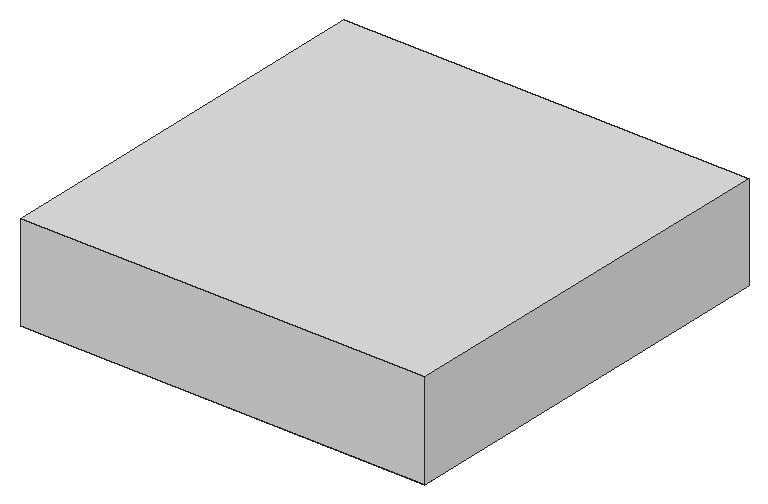
Revit family "290170 OvaLED NM ST LED LP 1t_Tak", category Lighting Fixtures, Revit 2016
Family settings
  Part Type = Normal
  Round Connector Dimension = Use Diameter
  OmniClass Number = 23.80.70.11.21
  OmniClass Title = Emergency Lighting
  Work Plane-Based = No
  Always vertical = Yes
  Cut with Voids When Loaded = No
  Light Source = Yes
  Shared = No
  Room Calculation Point = No
Parameters (values of type "Ledelys")
  Wattage = 9.2903 W
  built-in parameter 1150110 = 1 (stored number, unit not read)
  Type Comments = "-UN"
  built-in parameter 1114217 = 1 (stored number, unit not read)
  Tilt Angle = 90.00°
  built-in parameter 1150109 = 1 (stored number, unit not read)
  built-in parameter 1150134 = 3
  built-in parameter 1150113 = 1 (stored number, unit not read)
  Photometric Web File = "2x4 3Lamp.ies"
  Number of Poles = 1
  Symbol Positive Direction [instance] = yes
  NS8360 = "4432_WT2"
  Manufacturer = "Honeywell"
  built-in parameter 1150105 = 109.82 (stored number, unit not read)
  Lumens = 1380 lm
  built-in parameter 1150115 = 1 (stored number, unit not read)
  built-in parameter 1150137 = (empty or 0)
  built-in parameter 1150139 = (empty or 0)
  built-in parameter 1150112 = 1 (stored number, unit not read)
  built-in parameter 1150114 = 1 (stored number, unit not read)
  Keynote = "WT2"
  built-in parameter 1150132 = (empty or 0)
  built-in parameter 1150102 = (empty or 0)
  built-in parameter 1150107 = 3200 (stored number, unit not read)
  built-in parameter 1150138 = (empty or 0)
  built-in parameter 1150106 = 1.0982 (stored number, unit not read)
  Height 1 = 45 mm
  Height = 55 mm
  Voltage = 230 V
  Symbol Offset Side [instance] = 0 mm
  Symbol Offset Out [instance] = 0 mm
  Material = Plastic - White
  Loads [instance] = 0 VA
  Length B = 160 mm
  Length A = 160 mm
  Glass Material = Plastic - Glass
  Emit from Rectangle Width = Length B  # 160 mm
  Emit from Rectangle Length = Length A  # 160 mm
  Emit Shape Visible in Rendering = no
  built-in parameter 1150104 = 13.8 (stored number, unit not read)
  Dimming Lamp Color Temperature Shift = <None>
  Color Filter = 16777215
  built-in parameter 1114218 = 1 (stored number, unit not read)
  built-in parameter 1150133 = 10 (stored number, unit not read)
  Assembly Code = "4432"
Reference planes
  plane 1 "Light Source Axis (F/B)": y = 0
  plane 2: z = 0
  plane 3 "Light Source Axis (L/R)": x = 0
  plane 4 "Light Source Elevation": z = 0
  plane 5: z = -55
  plane 6: z = -45
  plane 7: z = -38
  plane 8: y = 80
  plane 9: x = 80
  plane 10: y = -80
  plane 11: x = -80
  plane 12: y = 17
  plane 13: x = 17
  plane 14: y = -17
  plane 15: x = -17
Forms (mm)
  Extrusion 1, solid, material "Plastic - White" <- "Material"
    sketch origin (0, 0, 0) x (1, 0, 0) y (0, 1, 0)
      loop
        line (-80, 80) -> (-80, -80) -> (80, -80) -> (80, 80) -> (-80, 80)
    from 0 to -38
  Blend 2, solid, material "Plastic - White" <- "Material"
    base sketch origin (0, 0, 0) x (1, 0, 0) y (0, 1, 0)
      loop
        line (-80, 80) -> (-80, -80) -> (80, -80) -> (80, 80) -> (-80, 80)
    top sketch origin (0, 0, 0) x (1, 0, 0) y (0, 1, 0)
      loop
        line (-17, 17) -> (-17, -17) -> (17, -17) -> (17, 17) -> (-17, 17)
    from -38 to -45
  Revolve 3, solid, material "Plastic - Glass" <- "Glass Material"
    sketch origin (0, 0, 0) x (0, 1, 0) y (0, 0, 1)
      loop
        line (12.5, -55) -> (12.5, -45) -> (-12.5, -45) -> (-12.5, -55) -> (-6.5, -51)
        arc (-6.5, -51) -> (-4.282, -53.9) -> (-0.8, -55) r 6.061
        line (-0.8, -55) -> (0.8, -55)
        arc (0.8, -55) -> (4.282, -53.9) -> (6.5, -51) r 6.061
        line (6.5, -51) -> (12.5, -55)
      axis (12.5, -45) -> (-12.5, -45)
    angle from -90 to 90
Lines and regions (mm)
  model lines, style "InvisibleLines"
    curve 1: line (0, 0, 0) -> (0, 0, -45)
  symbolic lines, style "InvisibleLines"
    curve 2: line (0, 0, 0) -> (0, 0, 40)
Dimensions and locks
  plane 4 "Light Source Elevation" to plane 2 = 0 mm
  "Height": plane 4 "Light Source Elevation" to plane 5
  locked: plane 7 to plane 6 at 7
  equal spacing: plane 11, plane 3 "Light Source Axis (L/R)", plane 9
  equal spacing: plane 8, plane 1 "Light Source Axis (F/B)", plane 10
  "Length A": plane 11 to plane 9
  "Length B": plane 8 to plane 10
  plane 12 to plane 1 "Light Source Axis (F/B)" to plane 14 = 17 mm locked, 17 mm locked
  plane 15 to plane 3 "Light Source Axis (L/R)" to plane 13 = 17 mm locked, 17 mm locked
  "Height 1": plane 4 "Light Source Elevation" to plane 6
  aligned and locked: plane 2 to level
  aligned and locked: plane 1 "Light Source Axis (F/B)" to nested 1
  aligned and locked: plane 3 "Light Source Axis (L/R)" to nested 1
  aligned and locked: Extrusion 1 sketch curve to plane 8
  aligned and locked: plane 11 to Extrusion 1 sketch curve
  aligned and locked: plane 10 to Extrusion 1 sketch curve
  aligned and locked: Extrusion 1 sketch curve to plane 9
  aligned and locked: Extrusion 1 to plane 7
  aligned and locked: Extrusion 1 to plane 4 "Light Source Elevation"
  aligned and locked: Blend 2 sketch curve to plane 8
  aligned and locked: plane 11 to Blend 2 sketch curve
  aligned and locked: plane 10 to Blend 2 sketch curve
  aligned and locked: Blend 2 sketch curve to plane 9
  aligned and locked: Blend 2 sketch curve to plane 12
  aligned and locked: plane 15 to Blend 2 sketch curve
  aligned and locked: Blend 2 sketch curve to plane 14
  aligned and locked: Blend 2 sketch curve to plane 13
  aligned and locked: imposter light to plane 3 "Light Source Axis (L/R)"
  aligned and locked: imposter light to plane 5
  aligned and locked: imposter light to plane 1 "Light Source Axis (F/B)"
  aligned and locked: Blend 2 to plane 6
  aligned and locked: plane 7 to Blend 2
  aligned and locked: Revolve 3 sketch curve to plane 6  (x2)
  aligned and locked: plane 5 to Revolve 3 sketch curve  (x3)
  aligned and locked: plane 3 "Light Source Axis (L/R)" to curve 2
  aligned and locked: level to curve 2
Automatic sketch dimensions
  Revolve 3 sketch curve to plane 12 = 4.5 mm
  Revolve 3 sketch curve to plane 1 "Light Source Axis (F/B)" = 6.5 mm
  plane 5 to Revolve 3 sketch curve = 4 mm  (x2)
  Revolve 3 sketch curve to plane 1 "Light Source Axis (F/B)" = 0.8 mm
  plane 1 "Light Source Axis (F/B)" to Revolve 3 sketch curve = 0.8 mm
  Revolve 3 sketch curve to Revolve 3 sketch curve = 5.7 mm
  Revolve 3 sketch curve to plane 14 = 4.5 mm
  Revolve 3 sketch curve to plane 10 = 1644.969 mm
  plane 8 to Revolve 3 sketch curve = 1036.284 mm
  curve 1 to plane 6 = 0 mm
  level to curve 2 = 40 mm
Nested families
  nested 1: "LedelysS" at (0, 0, 0), type "Type 1"
Connectors
  electrical at (0, 0, 0), driven by "Voltage", driven by "Loads", driven by "Number of Poles", driven by "Loads"
    settings: on plane 4 "Light Source Elevation", index 1, voltage 230 V, apparent load 0 VA, apparent load phase1 0 VA, apparent load phase2 0 VA, apparent load phase3 0 VA, power factor 1, load classification "Lighting", number of poles 1, system type 30, power factor state 1, is connector primary yes, connector utility no, sub classification motor no, connector description ""
Definition of nested family "LedelysS"
  Parameters
    CQ Symbol Positive Direction = yes
    CQ Symbol Negative Direction = not(CQ Symbol Positive Direction)  # no
    CQ Symbol Offset Side = 0 mm
    CQ Symbol Offset Out = 0 mm
  Reference planes
    plane 1: y = 0
    plane 2: x = 0
  Dimensions and locks
    "CQ Symbol Offset Out": plane 1 to nested 1
    "CQ Symbol Offset Out": plane 1 to nested 2
    "CQ Symbol Offset Side": plane 2 to nested 2
    "CQ Symbol Offset Side": nested 1 to plane 2
  Nested families
    nested 1: "LedelysSub" at (0, 0, 0), visible <- "CQ Symbol Negative Direction", type "Type 1"
    nested 2: "LedelysSub" at (0, 0, 0), visible <- "CQ Symbol Positive Direction", type "Type 1"
  Definition of nested family "LedelysSub"
    Reference planes
      plane 1: y = 0
      plane 2: x = 0
    Lines and regions (mm)
      detail lines
        curve 1: line (-4, -2, 0) -> (4, -2, 0)
        curve 2: line (4, -2, 0) -> (4, 2, 0)
        curve 3: line (4, 2, 0) -> (-4, 2, 0)
        curve 4: line (-4, 2, 0) -> (-4, -2, 0)
        curve 5: line (-3.097, -1.25, 0) -> (-0.597, 1.25, 0)
        curve 6: line (-3.097, 1.25, 0) -> (-0.597, -1.25, 0)
        curve 7: circle (-1.847, 0, 0) r 1.2 normal (0, 0, 1)
    Text (mm)
      text "LL" at (2.179, 1.025, 0)
